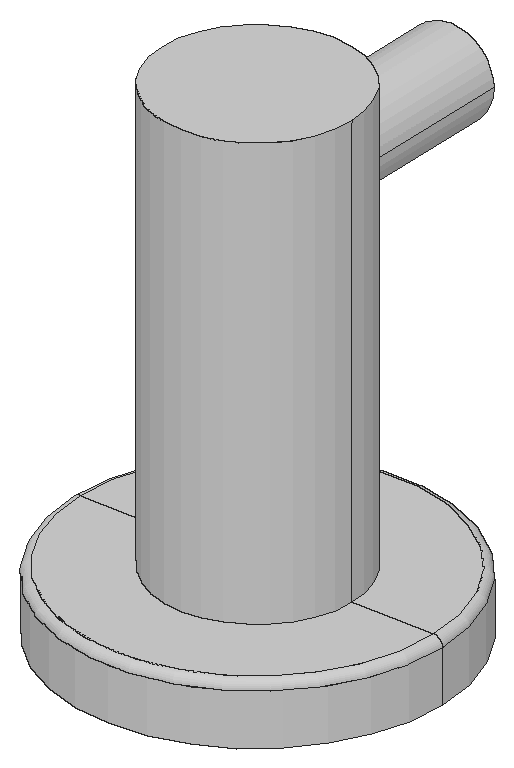
Revit family "LIANO II ROBE HOOK", category Specialty Equipment, host Face, Revit 2020
Family settings
  Host = Face
  Round Connector Dimension = Use Radius
  Part Type = Normal
  OmniClass Number = 23.40.20.21.31
  OmniClass Title = Robe Hooks
  Cut with Voids When Loaded = No
  Shared = No
  Room Calculation Point = No
Parameters (values of type "LIANO II ROBE HOOK - CHROME")
  URL = "https://www.caroma.com.au/"
  Model = "96440C"
  Material_Base = GWA_Metal-Chrome
  Manufacturer = "GWA Bathrooms & Kitchens"  # constant formula
  Description = "LIANO II ROBE HOOK - CHROME"
  Default Elevation = 1000.00 mm
  CreatedBy_ANZRS = "GWA Bathrooms & Kitchens"  # constant formula
  Assembly Code = "C1030220"
Types (7, lengths in mm): name | Model | Material_Base | Description
  (no name) | "96440C" | GWA_Metal-Chrome | "LIANO II ROBE HOOK - CHROME"
  LIANO II ROBE HOOK - CHROME | "96440C" | GWA_Metal-Chrome | "LIANO II ROBE HOOK - CHROME"
  LIANO II ROBE HOOK - MATTE BLACK | "96440B" | GWA-Metal-Black | "LIANO II ROBE HOOK - MATTE BLACK"
  LIANO II ROBE HOOK - BRUSHED NICKEL | "96440BN" | GWA_Metal-Brushed-Nickel | "LIANO II ROBE HOOK - BRUSHED NICKEL"
  LIANO II ROBE HOOK - BRUSHED BRASS | "96440BB" | GWA_Metal-Brushed-Brass | "LIANO II ROBE HOOK - BRUSHED BRASS"
  LIANO II ROBE HOOK - GUNMETAL | "96440GM" | GWA-Metal-Gunmetal Grey | "LIANO II ROBE HOOK - GUNMETAL"
  LIANO II ROBE HOOK - BRUSHED BRONZE | "96440BBZ" | GWA_Metal-Brushed-Bronze | "LIANO II ROBE HOOK - BRUSHED BRONZE"
Reference planes
  plane 1 "Center (Front/Back)": y = 0
  plane 2: z = 0
  plane 3 "Center (Left/Right)": x = 0
Forms (mm)
  Revolve 1, solid, material "GWA_Metal-Chrome" <- "Material_Base"
    sketch origin (0, 0, 0) x (1, 0, 0) y (0, 0, 1)
      loop
        line (0, 7) -> (0, 0) -> (21.5, 0) -> (21.5, 6)
        arc (21.5, 6) -> (21.207, 6.707) -> (20.5, 7) r 1
        line (20.5, 7) -> (0, 7)
      axis (0, 0) -> (0, 7)
    angle from 0 to 360
  Extrusion 2, solid, material "GWA_Metal-Chrome" <- "Material_Base"
    sketch origin (0, 0, 0) x (1, 0, 0) y (0, 1, 0)
      loop
        circle (0, 0) r 11
    from 7 to 57
  Extrusion 3, solid, material "GWA_Metal-Chrome" <- "Material_Base"
    sketch origin (0, 0, 0) x (1, 0, 0) y (0, 0, 1)
      loop
        circle (0, 46) r 5
    from 0 to -28
Cuts and joins
  joined: Extrusion 2, Extrusion 3
Lines and regions (mm)
  Masking region 1
    outline origin (300, 0, 0) x (0, 1, 0) y (0, 0, 1)
      loop
        line (11, 7) -> (11, 41) -> (28, 41) -> (28, 51) -> (11, 51) -> (11, 57) -> (-11, 57) -> (-11, 7) -> (-20.5, 7)
        arc (-20.5, 7) -> (-21.207, 6.707) -> (-21.5, 6) r 1
        line (-21.5, 6) -> (-21.5, 0) -> (21.5, 0) -> (21.5, 6)
        arc (21.5, 6) -> (21.207, 6.707) -> (20.5, 7) r 1
        line (20.5, 7) -> (11, 7)
  Masking region 2
    outline origin (0, 0, 0) x (1, 0, 0) y (0, 0, 1)
      loop
        line (21.5, 0) -> (21.5, 6)
        arc (21.5, 6) -> (21.207, 6.707) -> (20.5, 7) r 1
        line (20.5, 7) -> (11, 7) -> (11, 57) -> (-11, 57) -> (-11, 7) -> (-20.5, 7)
        arc (-20.5, 7) -> (-21.207, 6.707) -> (-21.5, 6) r 1
        line (-21.5, 6) -> (-21.5, 0) -> (21.5, 0)
  Masking region 3
    outline origin (0, 0, 0) x (1, 0, 0) y (0, 1, 0)
      loop
        arc (-5, 20.911) -> (0, -21.5) -> (5, 20.911) r 21.5
        line (5, 20.911) -> (5, 28) -> (-5, 28) -> (-5, 20.911)
  symbolic lines
    curve 1: line (-21.5, 0, 0) -> (21.5, 0, 0)
    curve 2: line (21.5, 0, 0) -> (21.5, 0, 6)
    curve 3: line (20.5, 0, 7) -> (-20.5, 0, 7)
    curve 4: line (-21.5, 0, 0) -> (-21.5, 0, 6)
    curve 5: line (-11, 0, 57) -> (11, 0, 57)
    curve 6: line (11, 0, 57) -> (11, 0, 7)
    curve 7: line (-11, 0, 57) -> (-11, 0, 7)
    curve 8: arc (21.5, 0, 6) -> (21.207, 0, 6.707) -> (20.5, 0, 7) r 1
    curve 9: arc (-20.5, 0, 7) -> (-21.207, 0, 6.707) -> (-21.5, 0, 6) r 1
    curve 10: line (300, -21.5, 0) -> (300, -21.5, 6)
    curve 11: line (300, -20.5, 7) -> (300, 20.5, 7)
    curve 12: line (300, 21.5, 6) -> (300, 21.5, 0)
    curve 13: line (300, 21.5, 0) -> (300, -21.5, 0)
    curve 14: line (300, -11, 57) -> (300, 11, 57)
    curve 15: line (300, 11, 57) -> (300, 11, 51)
    curve 16: line (300, -11, 57) -> (300, -11, 7)
    curve 17: arc (300, -21.5, 6) -> (300, -21.207, 6.707) -> (300, -20.5, 7) r 1
    curve 18: arc (300, 20.5, 7) -> (300, 21.207, 6.707) -> (300, 21.5, 6) r 1
    curve 19: line (300, 28, 51) -> (300, 11, 51)
    curve 20: line (300, 28, 51) -> (300, 28, 41)
    curve 21: line (300, 28, 41) -> (300, 11, 41)
    curve 22: arc (300, 11, 51) -> (300, 9.798, 46) -> (300, 11, 41) r 11
    curve 23: line (300, 11, 41) -> (300, 11, 7)
    curve 24: circle (0, 0, 46) r 5 normal (0, -1, 0)
    curve 25: circle (0, 0, 0) r 11 normal (0, 0, 1)
    curve 26: arc (-5, 20.911, 0) -> (0, -21.5, 0) -> (5, 20.911, 0) r 21.5
    curve 27: line (-5, 28, 0) -> (5, 28, 0)
    curve 28: line (5, 28, 0) -> (5, 9.798, 0)
    curve 29: line (-5, 28, 0) -> (-5, 9.798, 0)
Dimensions and locks
  aligned and locked: plane 2 to host face
  aligned and locked: level to host face
